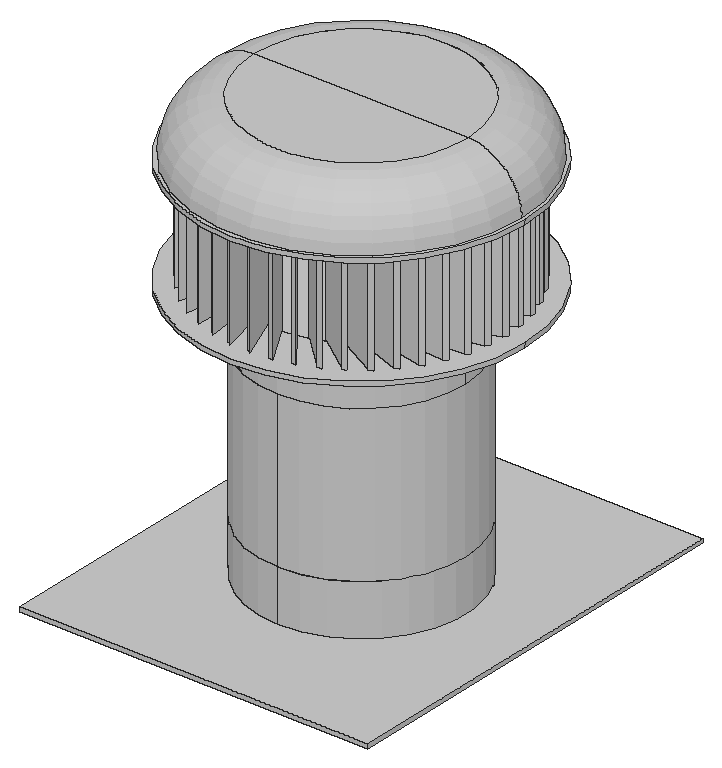
Revit family "HVAC_Natural-Ventilation_Envira-North_Hurricane-Turbine_Roof-Turbine-Ventilation", category Mechanical Equipment, Revit 2022
Family settings
  Round Connector Dimension = Use Diameter
  Classification = None
  Part Type = Normal
  OmniClass Number = 23.75.35.21
  OmniClass Title = Extractors
  Work Plane-Based = Yes
  Always vertical = No
  Cut with Voids When Loaded = No
  Maintain Annotation Orientation = No
  Shared = No
  Room Calculation Point = No
Parameters (values of type "H300 - Hurricane")
  z_F2 = 23 5/8"
  z_Bmin = 8 3/4"
  z_Bmax = 10"
  z_Maximum Angle = 0.00°
  z_Angle [instance] = if(VariPitch Flue Section, if(VariPitch Flue Section Angle > z_Maximum Angle, z_Maximum Angle, VariPitch Flue Section Angle), 0.00°)  # 0.00°
  z_OD = 18 1/2"
  z_F = 19 5/8"
  z_E = 6 1/2"
  z_D = 11 205/256"
  z_C = 6 1/4"
  z_B [instance] = if(Straight Flue Section, if(Straight Flue Section, if(Straight Flue Section Length < z_Bmin, z_Bmin, if(Straight Flue Section Length > z_Bmax, z_Bmax, Straight Flue Section Length)), 13/128"), z_C - (z_C / 2))  # 8 3/4"
  z_A = 12 1/2"
  Weight = 9.30 lbf
  Version = 1
  VariPitch Maximum Angle [instance] = z_Maximum Angle  # 0.00°
  VariPitch Flue Section Angle [instance] = 0.00°
  VariPitch Flue Section = no
  URL = "https://www.enviranorth.com/"
  Straight Flue Section Length [instance] = 8 3/4"
  Straight Flue Section [instance] = yes
  Product data url = ""
  Product Page URL = "https://www.enviranorth.com/hurricanes.html"
  Product Material = Envira North Systems - Metal - Aluminium
  Model = "EN900X2001\r\nEN900X2001"
  Minimum Straight Flue Section Length [instance] = z_Bmin  # 8 3/4"
  Minimum Air Flow = 572 CFM
  Maximum Straight Flue Section Length [instance] = z_Bmax  # 10"
  Manufacturer = "Envira-North Systems"  # constant formula
  Exhaust Air Connection Diameter = 12"
  Description = "Hurricane Turbine"
  Default Elevation = 0"
  Date Updated = "23/12/24"  # constant formula
  Date Created = "23/12/24"  # constant formula
  Damper [instance] = yes
  Actual Ventilation Air Flow = 0 CFM
Types (7): name | z_F2 | z_Bmin | z_Bmax | z_Maximum Angle | z_Angle | z_OD | z_F | z_E | z_D | z_C | z_B | z_A | Weight | VariPitch Maximum Angle | VariPitch Flue Section Angle | VariPitch Flue Section | Straight Flue Section Length | Model | Minimum Straight Flue Section Length | Minimum Air Flow | Maximum Straight Flue Section Length | Exhaust Air Connection Diameter | Description
  (no name) | 23 5/8" | 8 3/4" | 10" | 0.00° | 0.00° | 18 1/2" | 19 5/8" | 6 1/2" | 11 205/256" | 6 1/4" | 8 3/4" | 12 1/2" | 9.30 lbf | 0.00° | 0.00° | no | 8 3/4" | "EN900X2001\r\nEN900X2001" | 8 3/4" | 572 CFM | 10" | 12" | "Hurricane Turbine"
  H300 - Hurricane | 23 5/8" | 8 3/4" | 10" | 0.00° | 0.00° | 18 1/2" | 19 5/8" | 6 1/2" | 11 205/256" | 6 1/4" | 8 3/4" | 12 1/2" | 9.30 lbf | 0.00° | 0.00° | no | 8 3/4" | "EN900X2001\r\nEN900X2001" | 8 3/4" | 572 CFM | 10" | 12" | "Hurricane Turbine"
  H700 - Hurricane | 39 3/8" | 10" | 12" | 0.00° | 0.00° | 34 1/2" | 39 3/8" | 12 3/4" | 27 23/64" | 12 1/4" | 10" | 21 115/128" | 34.80 lbf | 0.00° | 0.00° | no | 10" | "EN900X0701" | 10" | 1589 CFM | 12" | 27" | "Hurricane Turbine"
  H900 - Hurricane | 47 1/4" | 19 97/256" | 19 97/256" | 0.00° | 0.00° | 43" | 47 1/4" | 12 3/4" | 27 23/64" | 12 1/4" | 19 97/256" | 25 1/4" | 63.00 lbf | 0.00° | 0.00° | no | 19 97/256" | "EN900X0001" | 19 97/256" | 3305 CFM | 19 97/256" | 36" | "Hurricane Turbine"
  H300 - Hurricane Vari-Pitch | 23 5/8" | 8 3/4" | 10" | 45.00° | 45.00° | 18 1/2" | 19 5/8" | 6 1/2" | 12" | 7 1/2" | 8 3/4" | 12 1/2" | 9.30 lbf | 45.00° | 45.00° | yes | 8 3/4" | "EN900X2002\r\nEN900X2001" | 8 3/4" | 572 CFM | 10" | 12" | "Hurricane Turbine Vari-Pitch"
  H700 - Hurricane Vari-Pitch | 39 3/8" | 10" | 12" | 45.00° | 45.00° | 34 1/2" | 39 3/8" | 12 3/4" | 27 23/64" | 13 205/256" | 10" | 21 115/128" | 34.80 lbf | 45.00° | 45.00° | yes | 10" | "EN900X0702" | 10" | 1589 CFM | 12" | 27" | "Hurricane Turbine Vari-Pitch"
  H900 - Hurricane Vari-Pitch | 47 1/4" | 19 97/256" | 19 97/256" | 22.50° | 22.50° | 43" | 47 1/4" | 12 3/4" | 35 1/4" | 15 51/128" | 19 97/256" | 25 1/4" | 63.00 lbf | 22.50° | 45.00° | yes | 19 97/256" | "EN900X0002" | 19 97/256" | 3305 CFM | 19 97/256" | 36" | "Hurricane Turbine Vari-Pitch"
Reference planes (in)
  plane 1 "Center (Front/Back)": y = 0
  plane 2: z = 0
  plane 3 "Center (Left/Right)": x = 0
  plane 4: z = 6.25
  plane 5: x = -9.8125
  plane 6: x = 9.8125
  plane 7: y = 11.8125
  plane 8: y = -11.8125
  plane 9: z = 0.25
  plane 10: z = 3.125
  plane 11: z = 11.875
  plane 12: z = 24.375
  plane 13: z = 14.875
  plane 14: z = 21.375
  plane 15: z = 18.125
Forms (in)
  Sweep 1, solid, material "Envira North Systems - Metal - Aluminium" <- "Product Material"
    path in 3D
      loop
        line (0, 0, 11.875) -> (0, 0, 3.125) -> (0, 0, 0)
    profile origin (0, 0, 1.5625) x (0, -1, 0) y (1, 0, 0)
      loop
        circle (0, 0) r 5.90039
  Extrusion 2, solid, material "Envira North Systems - Metal - Aluminium" <- "Product Material"
    sketch origin (0, 0, 0) x (1, 0, 0) y (0, 1, 0)
      loop
        line (-9.8125, 11.8125) -> (-9.8125, -11.8125) -> (9.8125, -11.8125) -> (9.8125, 11.8125) -> (-9.8125, 11.8125)
      loop
        circle (0, 0) r 5.90039
    from 0 to 0.25
Lines and regions (in)
  Masking region 1
    outline origin (0, 0, 0) x (1, 0, 0) y (0, 1, 0)
      loop
        line (-9.8125, 11.8125) -> (-9.8125, -11.8125) -> (9.8125, -11.8125) -> (9.8125, 11.8125) -> (-9.8125, 11.8125)
  Masking region 2
    outline origin (0, 0, 0) x (1, 0, 0) y (0, 0, 1)
      loop
        line (-9.8125, 0) -> (9.8125, 0) -> (9.8125, 0.25) -> (5.90039, 0.25) -> (5.90039, 6.25) -> (-5.90039, 6.25) -> (-5.90039, 0.25) -> (-9.8125, 0.25) -> (-9.8125, 0)
  Masking region 3
    outline origin (0, 0, 0) x (1, 0, 0) y (0, 0, 1)
      loop
        line (5.90039, 3.125) -> (5.90039, 14.875) -> (9.25, 14.875) -> (9.25, 21.375)
        arc (9.25, 21.375) -> (8.37132, 23.49632) -> (6.25, 24.375) r 3
        line (6.25, 24.375) -> (-6.25, 24.375)
        arc (-6.25, 24.375) -> (-8.37132, 23.49632) -> (-9.25, 21.375) r 3
        line (-9.25, 21.375) -> (-9.25, 14.875) -> (-5.90039, 14.875) -> (-5.90039, 3.125) -> (5.90039, 3.125)
  Masking region 4
    outline origin (0, 0, 0) x (0, 1, 0) y (0, 0, 1)
      loop
        line (11.8125, 0) -> (11.8125, 0.25) -> (5.90039, 0.25) -> (5.90039, 6.25) -> (-5.90039, 6.25) -> (-5.90039, 0.25) -> (-11.8125, 0.25) -> (-11.8125, 0) -> (11.8125, 0)
  Masking region 5
    outline origin (0, 0, 0) x (0, 1, 0) y (0, 0, 1)
      loop
        line (5.90039, 6.25) -> (5.90039, 14.875) -> (9.25, 14.875) -> (9.25, 21.375)
        arc (9.25, 21.375) -> (8.37132, 23.49632) -> (6.25, 24.375) r 3
        line (6.25, 24.375) -> (-6.25, 24.375)
        arc (-6.25, 24.375) -> (-8.37132, 23.49632) -> (-9.25, 21.375) r 3
        line (-9.25, 21.375) -> (-9.25, 14.875) -> (-5.90039, 14.875) -> (-5.90039, 6.25) -> (5.90039, 6.25)
  reference lines
    curve 1: line (0, 0, 3.125) -> (0, 0, 11.875)
    curve 2: line (0, 0, 3.125) -> (0, 0, 0)
  sketch lines
    curve 3: line (0, 0, 3.125) -> (0, 0, 0)
    curve 4: line (0, 0, 3.125) -> (0, 0, 11.875)
  symbolic lines
    curve 5: circle (0, 0, 0) r 9.25 normal (0, 0, 1)
    curve 6: line (-9.25, 0, 21.375) -> (9.25, 0, 21.375)
    curve 7: line (-5.90039, 0, 14.875) -> (5.90039, 0, 14.875)
    curve 8: line (0, 5.90039, 14.875) -> (0, -5.90039, 14.875)
    curve 9: line (0, 9.25, 21.375) -> (0, -9.25, 21.375)
Text (in)
  text "INSTRUCTIONS\n\n1. Save as a new file and name it accordingly to BO file name convention.\n2. Common shared parammeters are already setup in the family. if neccesary to add new parameters create/use Shared Parameters list for the specific MFR. Use as possible. \n3. Create Materials following: <Manufacturer>-<Material Type>-<Description>. Use existing materials of MFR if available. Fill data and Graphics for new materials.\n4. Change Family Category to fit product type.\n5. Fill Omniclass category accordingly with product type.\n6. Create simplified geometry accordingly to LOD in SOW.\n7. Unable 3D geometry in plan views.\n8. Create 2D Details and masking regions in plan views.\n9. Parameters for geometry control and not for user use should be named z_<Description> and added to OTHERS group.\n10. Fill all identity data parameters.\n11. Create Type Catalog if types are 6 or more. In this case, main type should be named \"Default - please load Revit Family Type Catalog\".\n12. Associate Shared Parameters to MEP connections as possible.\n13. Size should be under 1MB. If its really complicated less than 2MB. Clean the family and save it with another name to delete unlike data.\n14.ERASE THIS TEXT WHEN DEVELOPMENT IS FINISH." at (-45.89855, 45.59595, 0), in view "Ref. Level"
Dimensions and locks (in)
  "z_C": plane 4 to plane 2
  equal spacing: plane 4, plane 10, plane 2
  "z_B": curve 2 to curve 1
  "z_F": plane 5 to plane 6
  equal spacing: plane 5, plane 3 "Center (Left/Right)", plane 6
  "z_F2": plane 7 to plane 8
  equal spacing: plane 7, plane 1 "Center (Front/Back)", plane 8
  "z_B": plane 11 to plane 10
  "z_A": plane 12 to plane 11
  "z_E": plane 14 to plane 13
  equal spacing: plane 14, plane 15, plane 13
  equal spacing: plane 12, plane 15, plane 11
  equal spacing: Masking region 2 sketch curve, plane 3 "Center (Left/Right)", Masking region 2 sketch curve
  "z_D": Masking region 2 sketch curve to Masking region 2 sketch curve
  equal spacing: Masking region 3 sketch curve, plane 3 "Center (Left/Right)", Masking region 3 sketch curve  (x2)
  "z_OD": Masking region 3 sketch curve to Masking region 3 sketch curve
  "z_D": Masking region 3 sketch curve to Masking region 3 sketch curve
  equal spacing: Masking region 4 sketch curve, plane 1 "Center (Front/Back)", Masking region 4 sketch curve
  "z_D": Masking region 4 sketch curve to Masking region 4 sketch curve
  "z_D": Masking region 5 sketch curve to Masking region 5 sketch curve
  equal spacing: Masking region 5 sketch curve, plane 1 "Center (Front/Back)", Masking region 5 sketch curve  (x2)
  "z_OD": Masking region 5 sketch curve to Masking region 5 sketch curve
  "z_D": diameter of Sweep 1 sketch curve
  "z_D": diameter of Extrusion 2 sketch curve
  "z_OD": diameter of curve 5
  "z_Angle": angle curve 1 to plane 3 "Center (Left/Right)"
  aligned and locked: plane 3 "Center (Left/Right)" to curve 1
  aligned and locked: plane 10 to curve 1
  aligned and locked: nested 1 to curve 1
  aligned and locked: nested 1 to plane 1 "Center (Front/Back)"
  aligned and locked: Masking region 1 sketch curve to Extrusion 2  (x4)
  aligned and locked: Sweep 1 to curve 1
  aligned and locked: Masking region 5 to curve 9
  aligned and locked: curve 9 to Masking region 5
  aligned and locked: curve 6 to Masking region 3
  aligned and locked: Masking region 3 to curve 6
  aligned and locked: curve 7 to Masking region 3
  aligned and locked: Masking region 3 to curve 7
  aligned and locked: Masking region 5 to curve 8
  aligned and locked: curve 8 to Masking region 5
  aligned and locked: plane 10 to Masking region 3 sketch curve
Automatic sketch dimensions
  curve 7 to plane 13 = 0"
  curve 6 to plane 14 = 0"
  curve 8 to plane 13 = 0"
  curve 9 to plane 14 = 0"
  plane 1 "Center (Front/Back)" to curve 5 = 0"
  curve 5 to plane 3 "Center (Left/Right)" = 0"
  curve 2 to level = 0"
  Sweep 1 sketch curve to profile plane = 0"
  profile plane to Sweep 1 sketch curve = 0"
  Extrusion 2 sketch curve to plane 5 = 0"
  plane 1 "Center (Front/Back)" to Extrusion 2 sketch curve = 0"
  Extrusion 2 sketch curve to plane 3 "Center (Left/Right)" = 0"
  Extrusion 2 sketch curve to plane 6 = 0"
  Extrusion 2 sketch curve to plane 8 = 0"
  Extrusion 2 sketch curve to plane 7 = 0"
  Masking region 2 sketch curve to level = 0"
  Masking region 2 sketch curve to plane 5 = 0"
  Masking region 2 sketch curve to plane 6 = 0"
  Masking region 2 sketch curve to plane 9 = 0"  (x2)
  Masking region 2 sketch curve to plane 4 = 0"
  Masking region 3 sketch curve to plane 14 = 0"  (x2)
  Masking region 3 sketch curve to plane 12 = 0"
  Masking region 3 sketch curve to plane 13 = 0"  (x2)
  Masking region 4 sketch curve to plane 8 = 0"
  Masking region 4 sketch curve to level = 0"
  Masking region 4 sketch curve to plane 7 = 0"
  Masking region 4 sketch curve to plane 9 = 0"  (x2)
  Masking region 4 sketch curve to plane 4 = 0"
  Masking region 5 sketch curve to plane 14 = 0"  (x2)
  Masking region 5 sketch curve to plane 12 = 0"
  Masking region 5 sketch curve to plane 4 = 0"
  Masking region 5 sketch curve to plane 13 = 0"  (x2)
Nested families (in)
  nested 1: "Turbine Head" at (0, 0, 11.875) x (-1, 0, 0) z (0, 0, 1), type "EN900X0001"
    with z_R2 5 3/4", z_R 9.05", z_OD 18 1/2", z_E2 6", z_E 6 1/2", z_D 11 205/256", z_A 12 1/2"
Definition of nested family "Turbine Head"
  Parameters (values of type "EN900X0001")
    z_R = (z_OD / 2) - 0.2"  # 17.05"
    z_R2 = (z_OD / 2) - 3 1/2"  # 13 3/4"
    z_OD = 34 1/2"
    z_E2 = z_E - 1/2"  # 12 1/4"
    z_E = 12 3/4"
    z_D = 27 23/64"
    z_A = 21.9"
    Product Material = none
    Default Elevation = 48"
  Reference planes (in)
    plane 1 "Center (Front/Back)": y = 0
    plane 2: z = 0
    plane 3 "Center (Left/Right)": x = 0
    plane 4: z = 21.9
    plane 5: z = 4.575
    plane 6: z = 17.325
    plane 7 "E": z = 4.825
    plane 8: z = 17.075
    plane 9: z = 10.95
  Forms (in)
    Extrusion 1, solid
      sketch origin (12.09302, -3.66478, 0) x (1, 0, 0) y (0, 1, 0)
        loop
          line (-48, 48) -> (-48, -48) -> (48, -48) -> (48, 48) -> (-48, 48)
      from 0 to -12
    Extrusion 2, solid, material <- "Product Material"
      sketch origin (0, 0, 0) x (1, 0, 0) y (0, 1, 0)
        loop
          circle (0, 0) r 17.25
        loop
          circle (0, 0) r 13.67969
      from 4.575 to 4.825
    Extrusion 3, solid, material <- "Product Material"
      sketch origin (0, 0, 0) x (1, 0, 0) y (0, 1, 0)
        loop
          circle (0, 0) r 17.25
      from 17.075 to 17.325
    Revolve 4, solid, material <- "Product Material"
      sketch origin (0, 0, 0) x (1, 0, 0) y (0, 0, 1)
        loop
          line (-17.05, 17.325) -> (0, 17.325) -> (0, 21.9) -> (-12.475, 21.9)
          arc (-12.475, 21.9) -> (-15.71001, 20.56001) -> (-17.05, 17.325) r 4.575
        axis (0, 21.9) -> (0, 17.325)
      angle from 0 to 360
    Extrusion 5, solid, material <- "Product Material"
      sketch origin (0, 0, 4.825) x (-1, 0, 0) y (0, -1, 0)
        loop
          circle (0, 0) r 13.67969
      from -4.825 to -0.25
  Dimensions and locks (in)
    "z_A": plane 4 to plane 2
    "z_E": plane 6 to plane 5
    locked: plane 6 to plane 8 at 0.25
    locked: plane 7 "E" to plane 5 at 0.25
    "z_R": Revolve 4 sketch curve to Revolve 4 sketch curve
    equal spacing: plane 4, plane 9, plane 2
    equal spacing: plane 6, plane 9, plane 5
    "z_R2": plane 3 "Center (Left/Right)" to nested 1
    "z_R2": plane 3 "Center (Left/Right)" to nested 45
    "z_R2": plane 3 "Center (Left/Right)" to nested 44
    "z_R2": plane 3 "Center (Left/Right)" to nested 43
    "z_R2": plane 3 "Center (Left/Right)" to nested 42
    "z_R2": plane 3 "Center (Left/Right)" to nested 41
    "z_R2": plane 3 "Center (Left/Right)" to nested 40
    "z_R2": plane 3 "Center (Left/Right)" to nested 39
    "z_R2": plane 3 "Center (Left/Right)" to nested 38
    "z_R2": plane 3 "Center (Left/Right)" to nested 37
    "z_R2": plane 3 "Center (Left/Right)" to nested 36
    "z_R2": plane 3 "Center (Left/Right)" to nested 35
    "z_R2": plane 3 "Center (Left/Right)" to nested 34
    "z_R2": plane 3 "Center (Left/Right)" to nested 33
    "z_R2": plane 3 "Center (Left/Right)" to nested 32
    "z_R2": plane 3 "Center (Left/Right)" to nested 31
    "z_R2": plane 3 "Center (Left/Right)" to nested 30
    "z_R2": plane 3 "Center (Left/Right)" to nested 29
    "z_R2": plane 3 "Center (Left/Right)" to nested 28
    "z_R2": plane 3 "Center (Left/Right)" to nested 27
    "z_R2": plane 3 "Center (Left/Right)" to nested 26
    "z_R2": plane 3 "Center (Left/Right)" to nested 25
    "z_R2": plane 3 "Center (Left/Right)" to nested 24
    "z_R2": plane 3 "Center (Left/Right)" to nested 23
    "z_R2": plane 3 "Center (Left/Right)" to nested 22
    "z_R2": plane 3 "Center (Left/Right)" to nested 21
    "z_R2": plane 3 "Center (Left/Right)" to nested 20
    "z_R2": plane 3 "Center (Left/Right)" to nested 19
    "z_R2": plane 3 "Center (Left/Right)" to nested 18
    "z_R2": plane 3 "Center (Left/Right)" to nested 17
    "z_R2": plane 3 "Center (Left/Right)" to nested 16
    "z_R2": plane 3 "Center (Left/Right)" to nested 15
    "z_R2": plane 3 "Center (Left/Right)" to nested 14
    "z_R2": plane 3 "Center (Left/Right)" to nested 13
    "z_R2": plane 3 "Center (Left/Right)" to nested 12
    "z_R2": plane 3 "Center (Left/Right)" to nested 11
    "z_R2": plane 3 "Center (Left/Right)" to nested 10
    "z_R2": plane 3 "Center (Left/Right)" to nested 9
    "z_R2": plane 3 "Center (Left/Right)" to nested 8
    "z_R2": plane 3 "Center (Left/Right)" to nested 7
    "z_R2": plane 3 "Center (Left/Right)" to nested 6
    "z_R2": plane 3 "Center (Left/Right)" to nested 5
    "z_R2": plane 3 "Center (Left/Right)" to nested 4
    "z_R2": plane 3 "Center (Left/Right)" to nested 3
    "z_R2": plane 3 "Center (Left/Right)" to nested 2
    "z_OD": diameter of Extrusion 2 sketch curve
    "z_OD": diameter of Extrusion 3 sketch curve
    "z_D": diameter of Extrusion 5 sketch curve
    "z_D": diameter of Extrusion 2 sketch curve
    aligned and locked: plane 2 to Extrusion 1
    aligned and locked: level to Extrusion 1
    aligned and locked: Extrusion 2 to plane 5
    aligned and locked: plane 7 "E" to Extrusion 2
    aligned and locked: plane 6 to Extrusion 3
    aligned and locked: Extrusion 3 to plane 8
    aligned and locked: Revolve 4 sketch curve to plane 4
    aligned and locked: Revolve 4 sketch curve to plane 6
    aligned and locked: plane 5 to Extrusion 5
    aligned and locked: Extrusion 5 to level
    aligned and locked: nested 1 to Extrusion 2
    aligned and locked: nested 45 to Extrusion 2
    aligned and locked: nested 44 to Extrusion 2
    aligned and locked: nested 43 to Extrusion 2
    aligned and locked: nested 42 to Extrusion 2
    aligned and locked: nested 41 to Extrusion 2
    aligned and locked: nested 40 to Extrusion 2
    aligned and locked: nested 39 to Extrusion 2
    aligned and locked: nested 38 to Extrusion 2
    aligned and locked: nested 37 to Extrusion 2
    aligned and locked: nested 36 to Extrusion 2
    aligned and locked: nested 35 to Extrusion 2
    aligned and locked: nested 34 to Extrusion 2
    aligned and locked: nested 33 to Extrusion 2
    aligned and locked: nested 32 to Extrusion 2
    aligned and locked: nested 31 to Extrusion 2
    aligned and locked: nested 30 to Extrusion 2
    aligned and locked: nested 29 to Extrusion 2
    aligned and locked: nested 28 to Extrusion 2
    aligned and locked: nested 27 to Extrusion 2
    aligned and locked: nested 26 to Extrusion 2
    aligned and locked: nested 25 to Extrusion 2
    aligned and locked: nested 24 to Extrusion 2
    aligned and locked: nested 23 to Extrusion 2
    aligned and locked: nested 22 to Extrusion 2
    aligned and locked: nested 21 to Extrusion 2
    aligned and locked: nested 20 to Extrusion 2
    aligned and locked: nested 19 to Extrusion 2
    aligned and locked: nested 18 to Extrusion 2
    aligned and locked: nested 17 to Extrusion 2
    aligned and locked: nested 16 to Extrusion 2
    aligned and locked: nested 15 to Extrusion 2
    aligned and locked: nested 14 to Extrusion 2
    aligned and locked: nested 13 to Extrusion 2
    aligned and locked: nested 12 to Extrusion 2
    aligned and locked: nested 11 to Extrusion 2
    aligned and locked: nested 10 to Extrusion 2
    aligned and locked: nested 9 to Extrusion 2
    aligned and locked: nested 8 to Extrusion 2
    aligned and locked: nested 7 to Extrusion 2
    aligned and locked: nested 6 to Extrusion 2
    aligned and locked: nested 5 to Extrusion 2
    aligned and locked: nested 4 to Extrusion 2
    aligned and locked: nested 3 to Extrusion 2
    aligned and locked: nested 2 to Extrusion 2
  Automatic sketch dimensions
    Extrusion 1 sketch curve to Extrusion 1 sketch curve = 96"  (x2)
    Extrusion 2 sketch curve to Extrusion 2 sketch curve = 0"  (x2)
    plane 1 "Center (Front/Back)" to Extrusion 2 sketch curve = 0"
    Extrusion 2 sketch curve to plane 3 "Center (Left/Right)" = 0"
    plane 1 "Center (Front/Back)" to Extrusion 3 sketch curve = 0"
    Extrusion 3 sketch curve to plane 3 "Center (Left/Right)" = 0"
    Revolve 4 sketch curve to plane 6 = 0"
    Revolve 4 sketch curve to plane 3 "Center (Left/Right)" = 0"  (x2)
    Revolve 4 sketch curve to plane 9 = 0"
    Revolve 4 sketch curve to Revolve 4 sketch curve = 2 1/4"
    plane 1 "Center (Front/Back)" to Extrusion 5 sketch curve = 0"
    Extrusion 5 sketch curve to plane 3 "Center (Left/Right)" = 0"
  Nested families (in)
    nested 1: "Family1" at (0, 15.15698, 4.825), type "Family1"
    nested 2: "Family1" at (-2.10944, 15.00947, 4.825) x (0.9903, 0.1392, 0) z (0, 0, 1), type "Family1"
    nested 3: "Family1" at (-4.17783, 14.56982, 4.825) x (0.9613, 0.2756, 0) z (0, 0, 1), type "Family1"
    nested 4: "Family1" at (-6.1649, 13.84659, 4.825) x (0.9135, 0.4067, 0) z (0, 0, 1), type "Family1"
    nested 5: "Family1" at (-8.03198, 12.85385, 4.825) x (0.848, 0.5299, 0) z (0, 0, 1), type "Family1"
    nested 6: "Family1" at (-9.74272, 11.61092, 4.825) x (0.766, 0.6428, 0) z (0, 0, 1), type "Family1"
    nested 7: "Family1" at (-11.26383, 10.142, 4.825) x (0.6691, 0.7431, 0) z (0, 0, 1), type "Family1"
    nested 8: "Family1" at (-12.56571, 8.47568, 4.825) x (0.5592, 0.829, 0) z (0, 0, 1), type "Family1"
    nested 9: "Family1" at (-13.623, 6.64438, 4.825) x (0.4384, 0.8988, 0) z (0, 0, 1), type "Family1"
    nested 10: "Family1" at (-14.41514, 4.68376, 4.825) x (0.309, 0.9511, 0) z (0, 0, 1), type "Family1"
    nested 11: "Family1" at (-14.92671, 2.63198, 4.825) x (0.1736, 0.9848, 0) z (0, 0, 1), type "Family1"
    nested 12: "Family1" at (-15.14775, 0.52897, 4.825) x (0.0349, 0.9994, 0) z (0, 0, 1), type "Family1"
    nested 13: "Family1" at (-15.07395, -1.58434, 4.825) x (-0.1045, 0.9945, 0) z (0, 0, 1), type "Family1"
    nested 14: "Family1" at (-14.70675, -3.66681, 4.825) x (-0.2419, 0.9703, 0) z (0, 0, 1), type "Family1"
    nested 15: "Family1" at (-14.05331, -5.6779, 4.825) x (-0.3746, 0.9272, 0) z (0, 0, 1), type "Family1"
    nested 16: "Family1" at (-13.12633, -7.57849, 4.825) x (-0.5, 0.866, 0) z (0, 0, 1), type "Family1"
    nested 17: "Family1" at (-11.94386, -9.33157, 4.825) x (-0.6157, 0.788, 0) z (0, 0, 1), type "Family1"
    nested 18: "Family1" at (-10.52892, -10.90302, 4.825) x (-0.7193, 0.6947, 0) z (0, 0, 1), type "Family1"
    nested 19: "Family1" at (-8.90905, -12.26225, 4.825) x (-0.809, 0.5878, 0) z (0, 0, 1), type "Family1"
    nested 20: "Family1" at (-7.11577, -13.38282, 4.825) x (-0.8829, 0.4695, 0) z (0, 0, 1), type "Family1"
    nested 21: "Family1" at (-5.18399, -14.2429, 4.825) x (-0.9397, 0.342, 0) z (0, 0, 1), type "Family1"
    nested 22: "Family1" at (-3.15131, -14.82576, 4.825) x (-0.9781, 0.2079, 0) z (0, 0, 1), type "Family1"
    nested 23: "Family1" at (-1.0573, -15.12006, 4.825) x (-0.9976, 0.0698, 0) z (0, 0, 1), type "Family1"
    nested 24: "Family1" at (1.0573, -15.12006, 4.825) x (-0.9976, -0.0698, 0) z (0, 0, 1), type "Family1"
    nested 25: "Family1" at (3.15131, -14.82576, 4.825) x (-0.9781, -0.2079, 0) z (0, 0, 1), type "Family1"
    nested 26: "Family1" at (5.18399, -14.2429, 4.825) x (-0.9397, -0.342, 0) z (0, 0, 1), type "Family1"
    nested 27: "Family1" at (7.11577, -13.38282, 4.825) x (-0.8829, -0.4695, 0) z (0, 0, 1), type "Family1"
    nested 28: "Family1" at (8.90905, -12.26225, 4.825) x (-0.809, -0.5878, 0) z (0, 0, 1), type "Family1"
    nested 29: "Family1" at (10.52892, -10.90302, 4.825) x (-0.7193, -0.6947, 0) z (0, 0, 1), type "Family1"
    nested 30: "Family1" at (11.94386, -9.33157, 4.825) x (-0.6157, -0.788, 0) z (0, 0, 1), type "Family1"
    nested 31: "Family1" at (13.12633, -7.57849, 4.825) x (-0.5, -0.866, 0) z (0, 0, 1), type "Family1"
    nested 32: "Family1" at (14.05331, -5.6779, 4.825) x (-0.3746, -0.9272, 0) z (0, 0, 1), type "Family1"
    nested 33: "Family1" at (14.70675, -3.66681, 4.825) x (-0.2419, -0.9703, 0) z (0, 0, 1), type "Family1"
    nested 34: "Family1" at (15.07395, -1.58434, 4.825) x (-0.1045, -0.9945, 0) z (0, 0, 1), type "Family1"
    nested 35: "Family1" at (15.14775, 0.52897, 4.825) x (0.0349, -0.9994, 0) z (0, 0, 1), type "Family1"
    nested 36: "Family1" at (14.92671, 2.63198, 4.825) x (0.1736, -0.9848, 0) z (0, 0, 1), type "Family1"
    nested 37: "Family1" at (14.41514, 4.68376, 4.825) x (0.309, -0.9511, 0) z (0, 0, 1), type "Family1"
    nested 38: "Family1" at (13.623, 6.64438, 4.825) x (0.4384, -0.8988, 0) z (0, 0, 1), type "Family1"
    nested 39: "Family1" at (12.56571, 8.47568, 4.825) x (0.5592, -0.829, 0) z (0, 0, 1), type "Family1"
    nested 40: "Family1" at (11.26383, 10.142, 4.825) x (0.6691, -0.7431, 0) z (0, 0, 1), type "Family1"
    nested 41: "Family1" at (9.74272, 11.61092, 4.825) x (0.766, -0.6428, 0) z (0, 0, 1), type "Family1"
    nested 42: "Family1" at (8.03198, 12.85385, 4.825) x (0.848, -0.5299, 0) z (0, 0, 1), type "Family1"
    nested 43: "Family1" at (6.1649, 13.84659, 4.825) x (0.9135, -0.4067, 0) z (0, 0, 1), type "Family1"
    nested 44: "Family1" at (4.17783, 14.56982, 4.825) x (0.9613, -0.2756, 0) z (0, 0, 1), type "Family1"
    nested 45: "Family1" at (2.10944, 15.00947, 4.825) x (0.9903, -0.1392, 0) z (0, 0, 1), type "Family1"
  Definition of nested family "Family1"
    Parameters (values of type "Family1")
      z_Length = 12 1/4"
      Product Material = none
      Default Elevation = 48"
    Reference planes (in)
      plane 1 "Center (Front/Back)": y = 0
      plane 2: z = 0
      plane 3 "Center (Left/Right)": x = 0
      plane 4: z = 12.25
    Forms (in)
      Extrusion 1, solid, material <- "Product Material"
        sketch origin (0, 0, 0) x (1, 0, 0) y (0, 1, 0)
          loop
            line (-0.10741, -1.40698) -> (0.10741, -1.40698) -> (-1.2334, 0.91537) -> (-1.48754, 0.98347) -> (-0.10741, -1.40698)
        from 0 to 12.25
    Dimensions and locks (in)
      "z_Length": plane 4 to plane 2
      aligned and locked: plane 2 to level
      aligned and locked: plane 4 to Extrusion 1
    Automatic sketch dimensions
      Extrusion 1 sketch curve to plane 3 "Center (Left/Right)" = 1.48754"
      Extrusion 1 sketch curve to Extrusion 1 sketch curve = 0.25414"
      Extrusion 1 sketch curve to plane 1 "Center (Front/Back)" = 0.91537"
      Extrusion 1 sketch curve to Extrusion 1 sketch curve = 0.0681"
      Extrusion 1 sketch curve to plane 3 "Center (Left/Right)" = 0.10741"
      plane 3 "Center (Left/Right)" to Extrusion 1 sketch curve = 0.10741"
      plane 1 "Center (Front/Back)" to Extrusion 1 sketch curve = 1.40698"
